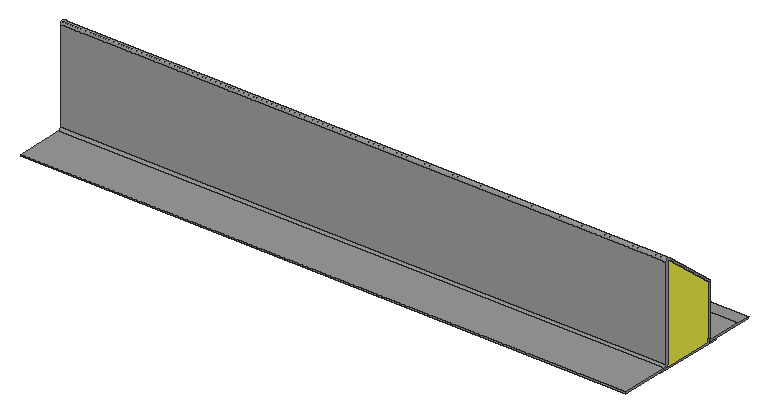
Revit family "XHD K 110", category Generic Models, Revit 2014
Parameters (values of type "Max lintel length 2700mm")
  URL = "http://www.keystonelintels.co.uk"
  Structural Opening [instance] = 900 mm
  Structural Performance = "The Keystone lintel range has safe working loads as detailed in each applicable loading table in the Keystone Lintel Guide brochure. The structural performance figures within each table have been ascertained by testing in accordance with the requirements of standards BS EN 5977-2: 1983 and BS EN 845-2: 2003."
  RIBA Productor Selector = "available for Keystone Lintels Ltd from Keystone Lintels Ltd from ribaproductselector.com"
  Model = "XHD/K 110"
  Min Length = 600 mm
  Min Clear Span = 300 mm
  Max Length = 2700 mm
  Max Clear Span = 2700 mm
  Material - Stainless Steel = "Grade 304 2b 1.4307 to BS EN 10088-2. Other grades available on request: contact manufacturer."
  Material - Galvanised Steel = "To BS EN 10346: 2009. DX51D plus Z600 or grade Z275 to BS 5977-2: 1983 (BS EN 845-2: 2003)."
  Manufacturer = "Keystone"
  Manufactured Length [instance] = (roundup(Effective Length / 150 mm) * 150 mm)  # 1200 mm
  Lintel height [instance] = 2100 mm
  Keynote = "F30/755"
  Fire Performance = "Keystone lintels have been subjected to a fire test (WARRES No. 101263) in accordance with BS 476-20: 1987, at Exova Warrington Fire and achieved a one hour fire performance."
  End Bearing = 150 mm
  Effective Length [instance] = Clear Opening with MIN MAX set + End Bearing * 2  # 1200 mm
  Corrosion = "Keystone’s standard range of lintels are manufactured from high quality grade pre-galvanized carbon steel with a zinc coating of 600"
  Contact Tel = "+44 (0)28 8676 2184"
  Contact Email = "info@keystonelintels.co.uk"
  Clear Opening with MIN MAX set [instance] = if(Structural Opening < Min Clear Span, Min Clear Span, (if(Structural Opening > Max Clear Span, Max Clear Span, Structural Opening)))  # 900 mm
  CPD Information = "Available for Keystone Lintels Ltd from ribacpd.com"
Reference planes
  plane 1 "Center (Front/Back)": y = 0
  plane 2: z = 0
  plane 3 "Center (Left/Right)": x = 0
  plane 4: x = -600
  plane 5: x = 600
  plane 6: z = 2100
  plane 7: x = -450
  plane 8: x = 450
Forms (mm)
  Extrusion 1, solid, material "Steel"
    sketch origin (0, 713.206, -513.249) x (0, 1, 0) y (0, 0, 1)
      loop
        line (-565.592, 2612.386) -> (-565.481, 2615.584) -> (-590.486, 2616.449) -> (-655.491, 2616.449)
        arc (-655.491, 2616.449) -> (-658.815, 2617.826) -> (-660.191, 2621.149) r 4.7
        line (-660.191, 2621.149) -> (-660.191, 2720.655)
        arc (-660.191, 2720.655) -> (-660.679, 2722.852) -> (-662.049, 2724.638) r 5.2
        line (-662.049, 2724.638) -> (-760.249, 2807.017)
        arc (-760.249, 2807.017) -> (-765.789, 2807.746) -> (-768.791, 2803.033) r 5.2
        line (-768.791, 2803.033) -> (-768.791, 2621.149)
        arc (-768.791, 2621.149) -> (-770.168, 2617.826) -> (-773.491, 2616.449) r 4.7
        line (-773.491, 2616.449) -> (-868.491, 2616.449) -> (-868.491, 2613.249) -> (-773.491, 2613.249)
        arc (-773.491, 2613.249) -> (-767.905, 2615.563) -> (-765.591, 2621.149) r 7.9
        line (-765.591, 2621.149) -> (-765.591, 2803.049)
        arc (-765.591, 2803.049) -> (-764.437, 2804.861) -> (-762.306, 2804.581) r 2
        line (-762.306, 2804.581) -> (-664.106, 2722.181)
        arc (-664.106, 2722.181) -> (-663.579, 2721.494) -> (-663.391, 2720.649) r 2
        line (-663.391, 2720.649) -> (-663.391, 2621.149)
        arc (-663.391, 2621.149) -> (-661.078, 2615.563) -> (-655.491, 2613.249) r 7.9
        line (-655.491, 2613.249) -> (-590.542, 2613.249) -> (-565.592, 2612.386)
    from -600 to 600
  Extrusion 2, solid, material "Insulation"
    sketch origin (0, 713.206, -513.249) x (0, 1, 0) y (0, 0, 1)
      loop
        line (-773.491, 2613.249) -> (-664.991, 2613.249) -> (-664.991, 2621.249) -> (-663.991, 2621.249) -> (-663.991, 2613.249) -> (-655.491, 2613.249)
        arc (-655.491, 2613.249) -> (-661.078, 2615.563) -> (-663.391, 2621.149) r 7.9
        line (-663.391, 2621.149) -> (-663.391, 2720.649)
        arc (-663.391, 2720.649) -> (-663.579, 2721.494) -> (-664.106, 2722.181) r 2
        line (-664.106, 2722.181) -> (-762.306, 2804.581)
        arc (-762.306, 2804.581) -> (-764.437, 2804.861) -> (-765.591, 2803.049) r 2
        line (-765.591, 2803.049) -> (-765.591, 2621.149)
        arc (-765.591, 2621.149) -> (-767.905, 2615.563) -> (-773.491, 2613.249) r 7.9
    from -600 to 600
  Extrusion 3, solid, material "Steel"
    sketch origin (0, 713.206, -513.249) x (0, 1, 0) y (0, 0, 1)
      loop
        line (-646.991, 2612.249) -> (-646.991, 2613.249) -> (-663.991, 2613.249) -> (-663.991, 2621.249) -> (-664.991, 2621.249) -> (-664.991, 2613.249) -> (-781.991, 2613.249) -> (-781.991, 2612.249) -> (-646.991, 2612.249)
    from -600 to 600
  Extrusion 4, solid, not visible
    sketch origin (0, 1003.17, 1280.667) x (0, 1, 0) y (0, 0, 1)
      loop
        line (-565.592, 1012.386) -> (-565.481, 1015.584) -> (-590.486, 1016.449) -> (-655.491, 1016.449)
        arc (-655.491, 1016.449) -> (-658.815, 1017.826) -> (-660.191, 1021.149) r 4.7
        line (-660.191, 1021.149) -> (-660.191, 1120.655)
        arc (-660.191, 1120.655) -> (-660.679, 1122.852) -> (-662.049, 1124.638) r 5.2
        line (-662.049, 1124.638) -> (-760.249, 1207.017)
        arc (-760.249, 1207.017) -> (-765.789, 1207.746) -> (-768.791, 1203.033) r 5.2
        line (-768.791, 1203.033) -> (-768.791, 1021.149)
        arc (-768.791, 1021.149) -> (-770.168, 1017.826) -> (-773.491, 1016.449) r 4.7
        line (-773.491, 1016.449) -> (-868.491, 1016.449) -> (-868.491, 1013.249) -> (-773.491, 1013.249)
        arc (-773.491, 1013.249) -> (-767.905, 1015.563) -> (-765.591, 1021.149) r 7.9
        line (-765.591, 1021.149) -> (-765.591, 1203.049)
        arc (-765.591, 1203.049) -> (-764.437, 1204.861) -> (-762.306, 1204.581) r 2
        line (-762.306, 1204.581) -> (-664.106, 1122.181)
        arc (-664.106, 1122.181) -> (-663.579, 1121.494) -> (-663.391, 1120.649) r 2
        line (-663.391, 1120.649) -> (-663.391, 1021.149)
        arc (-663.391, 1021.149) -> (-661.078, 1015.563) -> (-655.491, 1013.249) r 7.9
        line (-655.491, 1013.249) -> (-590.542, 1013.249) -> (-565.592, 1012.386)
    from 0 to 250
  Extrusion 5, solid, not visible
    sketch origin (0, 494.432, 1323.024) x (0, 1, 0) y (0, 0, 1)
      loop
        line (-773.491, 1013.249) -> (-664.991, 1013.249) -> (-664.991, 1021.249) -> (-663.991, 1021.249) -> (-663.991, 1013.249) -> (-655.491, 1013.249)
        arc (-655.491, 1013.249) -> (-661.078, 1015.563) -> (-663.391, 1021.149) r 7.9
        line (-663.391, 1021.149) -> (-663.391, 1120.649)
        arc (-663.391, 1120.649) -> (-663.579, 1121.494) -> (-664.106, 1122.181) r 2
        line (-664.106, 1122.181) -> (-762.306, 1204.581)
        arc (-762.306, 1204.581) -> (-764.437, 1204.861) -> (-765.591, 1203.049) r 2
        line (-765.591, 1203.049) -> (-765.591, 1021.149)
        arc (-765.591, 1021.149) -> (-767.905, 1015.563) -> (-773.491, 1013.249) r 7.9
    from 0 to 250
  Extrusion 6, solid, not visible
    sketch origin (0, 889.43, 958.858) x (0, 1, 0) y (0, 0, 1)
      loop
        line (-646.991, 1012.249) -> (-646.991, 1013.249) -> (-663.991, 1013.249) -> (-663.991, 1021.249) -> (-664.991, 1021.249) -> (-664.991, 1013.249) -> (-781.991, 1013.249) -> (-781.991, 1012.249) -> (-646.991, 1012.249)
    from 0 to 250
Dimensions and locks
  equal spacing: plane 4, plane 3 "Center (Left/Right)", plane 5
  "Manufactured Length": plane 4 to plane 5
  "Lintel height": plane 6 to level
  "Structural Opening": plane 7 to plane 8
  equal spacing: plane 7, plane 3 "Center (Left/Right)", plane 8
  aligned and locked: level to plane 2
  aligned and locked: Extrusion 1 to plane 6
  aligned and locked: Extrusion 2 to plane 6
  aligned and locked: plane 6 to Extrusion 3
  aligned and locked: plane 5 to Extrusion 1
  aligned and locked: Extrusion 1 to plane 4
  aligned and locked: plane 5 to Extrusion 2
  aligned and locked: Extrusion 2 to plane 4
  aligned and locked: plane 5 to Extrusion 3
  aligned and locked: Extrusion 3 to plane 4
Automatic sketch dimensions
  Extrusion 1 sketch curve to Extrusion 1 sketch curve = 64.95 mm
  Extrusion 1 sketch curve to Extrusion 1 sketch curve = 24.95 mm
  Extrusion 1 sketch curve to Extrusion 1 sketch curve = 0.863 mm
  Extrusion 1 sketch curve to Extrusion 1 sketch curve = 0.111 mm
  Extrusion 1 sketch curve to Extrusion 1 sketch curve = 0.055 mm
  Extrusion 1 sketch curve to Extrusion 1 sketch curve = 0 mm  (x11)
  Extrusion 1 sketch curve to Extrusion 1 sketch curve = 4.7 mm  (x2)
  Extrusion 1 sketch curve to Extrusion 1 sketch curve = 99.505 mm
  Extrusion 1 sketch curve to Extrusion 1 sketch curve = 0.006 mm
  Extrusion 1 sketch curve to Extrusion 1 sketch curve = 2 mm
  Extrusion 1 sketch curve to Extrusion 1 sketch curve = 0.714 mm
  Extrusion 1 sketch curve to Extrusion 1 sketch curve = 98.2 mm
  Extrusion 1 sketch curve to Extrusion 1 sketch curve = 82.4 mm
  Extrusion 1 sketch curve to Extrusion 1 sketch curve = 2.056 mm  (x2)
  Extrusion 1 sketch curve to Extrusion 1 sketch curve = 2.436 mm
  Extrusion 1 sketch curve to Extrusion 1 sketch curve = 1.286 mm
  Extrusion 1 sketch curve to Extrusion 1 sketch curve = 1.532 mm
  Extrusion 1 sketch curve to Extrusion 1 sketch curve = 0.016 mm
  Extrusion 1 sketch curve to Extrusion 1 sketch curve = 95 mm
  Extrusion 2 sketch curve to Extrusion 2 sketch curve = 108.5 mm
  Extrusion 2 sketch curve to Extrusion 2 sketch curve = 8 mm
  Extrusion 2 sketch curve to Extrusion 2 sketch curve = 9.5 mm
  Extrusion 2 sketch curve to Extrusion 2 sketch curve = 0.1 mm
  Extrusion 2 sketch curve to Extrusion 2 sketch curve = 1 mm
  Extrusion 2 sketch curve to Extrusion 2 sketch curve = 1.6 mm
  Extrusion 2 sketch curve to Extrusion 2 sketch curve = 0 mm  (x3)
  Extrusion 2 sketch curve to Extrusion 2 sketch curve = 99.4 mm
  Extrusion 2 sketch curve to Extrusion 2 sketch curve = 7.9 mm  (x2)
  Extrusion 2 sketch curve to Extrusion 2 sketch curve = 82.4 mm
  Extrusion 2 sketch curve to Extrusion 2 sketch curve = 2 mm
  Extrusion 2 sketch curve to Extrusion 2 sketch curve = 0.714 mm
  Extrusion 2 sketch curve to Extrusion 2 sketch curve = 3.286 mm
  Extrusion 2 sketch curve to Extrusion 2 sketch curve = 1.532 mm
  Extrusion 3 sketch curve to Extrusion 3 sketch curve = 135 mm
  Extrusion 3 sketch curve to Extrusion 3 sketch curve = 1 mm  (x2)
  Extrusion 3 sketch curve to Extrusion 3 sketch curve = 17 mm
  Extrusion 3 sketch curve to Extrusion 3 sketch curve = 8 mm
  Extrusion 3 sketch curve to Extrusion 3 sketch curve = 0 mm
  Extrusion 4 sketch curve to Extrusion 4 sketch curve = 64.95 mm
  Extrusion 4 sketch curve to Extrusion 4 sketch curve = 24.95 mm
  Extrusion 4 sketch curve to Extrusion 4 sketch curve = 0.863 mm
  Extrusion 4 sketch curve to Extrusion 4 sketch curve = 0.111 mm
  Extrusion 4 sketch curve to Extrusion 4 sketch curve = 0.055 mm
  Extrusion 4 sketch curve to Extrusion 4 sketch curve = 0 mm  (x11)
  Extrusion 4 sketch curve to Extrusion 4 sketch curve = 4.7 mm  (x2)
  Extrusion 4 sketch curve to Extrusion 4 sketch curve = 99.505 mm
  Extrusion 4 sketch curve to Extrusion 4 sketch curve = 0.006 mm
  Extrusion 4 sketch curve to Extrusion 4 sketch curve = 2 mm
  Extrusion 4 sketch curve to Extrusion 4 sketch curve = 0.714 mm
  Extrusion 4 sketch curve to Extrusion 4 sketch curve = 98.2 mm
  Extrusion 4 sketch curve to Extrusion 4 sketch curve = 82.4 mm
  Extrusion 4 sketch curve to Extrusion 4 sketch curve = 2.056 mm  (x2)
  Extrusion 4 sketch curve to Extrusion 4 sketch curve = 2.436 mm
  Extrusion 4 sketch curve to Extrusion 4 sketch curve = 1.286 mm
  Extrusion 4 sketch curve to Extrusion 4 sketch curve = 1.532 mm
  Extrusion 4 sketch curve to Extrusion 4 sketch curve = 0.016 mm
  Extrusion 4 sketch curve to Extrusion 4 sketch curve = 95 mm
  Extrusion 5 sketch curve to Extrusion 5 sketch curve = 108.5 mm
  Extrusion 5 sketch curve to Extrusion 5 sketch curve = 8 mm
  Extrusion 5 sketch curve to Extrusion 5 sketch curve = 9.5 mm
  Extrusion 5 sketch curve to Extrusion 5 sketch curve = 0.1 mm
  Extrusion 5 sketch curve to Extrusion 5 sketch curve = 1 mm
  Extrusion 5 sketch curve to Extrusion 5 sketch curve = 1.6 mm
  Extrusion 5 sketch curve to Extrusion 5 sketch curve = 0 mm  (x3)
  Extrusion 5 sketch curve to Extrusion 5 sketch curve = 99.4 mm
  Extrusion 5 sketch curve to Extrusion 5 sketch curve = 7.9 mm  (x2)
  Extrusion 5 sketch curve to Extrusion 5 sketch curve = 82.4 mm
  Extrusion 5 sketch curve to Extrusion 5 sketch curve = 2 mm
  Extrusion 5 sketch curve to Extrusion 5 sketch curve = 0.714 mm
  Extrusion 5 sketch curve to Extrusion 5 sketch curve = 3.286 mm
  Extrusion 5 sketch curve to Extrusion 5 sketch curve = 1.532 mm
  Extrusion 6 sketch curve to Extrusion 6 sketch curve = 135 mm
  Extrusion 6 sketch curve to Extrusion 6 sketch curve = 1 mm  (x2)
  Extrusion 6 sketch curve to Extrusion 6 sketch curve = 17 mm
  Extrusion 6 sketch curve to Extrusion 6 sketch curve = 8 mm
  Extrusion 6 sketch curve to Extrusion 6 sketch curve = 0 mm
  Extrusion 2 sketch curve to plane 6 = 0 mm
  plane 1 "Center (Front/Back)" to Extrusion 2 sketch curve = 60.286 mm
  Extrusion 1 sketch curve to plane 6 = 0 mm
  plane 1 "Center (Front/Back)" to Extrusion 1 sketch curve = 155.286 mm
  Extrusion 3 sketch curve to plane 6 = 0 mm
  plane 1 "Center (Front/Back)" to Extrusion 3 sketch curve = 68.786 mm
